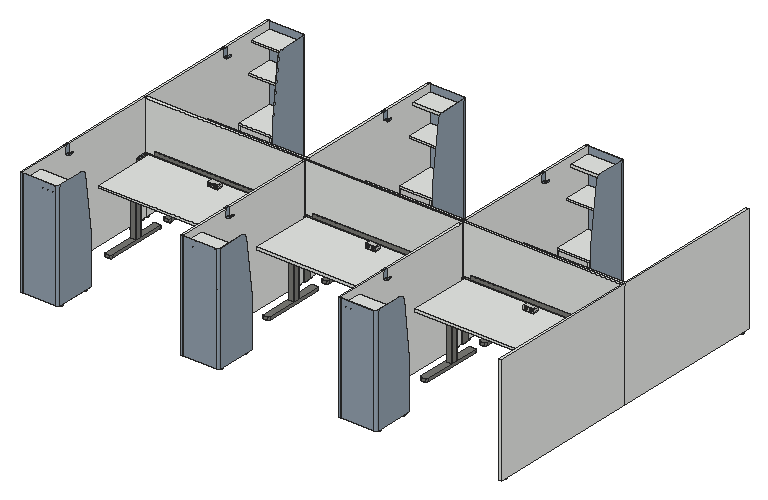
Revit family "Layout-Teknion-Expansion_Cityline_Height_Adjustable_Workstation_10-R2021", category Furniture Systems, Revit 2021 (continued)
Definition of nested family "Desk_Structures-Teknion-JZSFS_EZ_Fence_Leg-R2021"
  Dimensions and locks (in)
    plane 6 "Back" to plane 7 "Front" = 18.81522"
    locked: plane 8 "Top" to level at 27.69291
    equal spacing: plane 6 "Back", plane 1 "Center Front/Back", plane 7 "Front"
    equal spacing: plane 4 "Left", plane 3 "Center Left/Right", plane 5 "Right"
    plane 9 to plane 3 "Center Left/Right" to plane 10 = 0.750" locked, 0.750" locked
    Sweep 1 sketch curve to Sweep 1 sketch curve to Sweep 1 sketch curve to plane 2 = 0.86259" locked, 20.95237" locked, 1.000" locked
    locked: Sweep 1 sketch curve to plane 2 at 21.95237
    Sweep 1 sketch curve to plane 1 "Center Front/Back" to Sweep 1 sketch curve = 5.89342" locked, 5.89342" locked
    Sweep 1 sketch curve to plane 1 "Center Front/Back" to Sweep 1 sketch curve = 3.25757" locked, 3.25757" locked
    locked: Sweep 1 sketch curve to Sweep 1 sketch curve at 2.5  (x2)
    locked: SweptBlend 2 sketch curve to plane 10 at 0.61844
    SweptBlend 2 sketch curve to SweptBlend 2 sketch curve to plane 1 "Center Front/Back" to SweptBlend 2 sketch curve to SweptBlend 2 sketch curve = 1.71042" locked, 4.44994", 4.44994", 1.71042" locked
    plane 8 "Top" to SweptBlend 2 sketch curve to SweptBlend 2 sketch curve = 4.35827" locked, 1.72518"
    plane 8 "Top" to SweptBlend 2 sketch curve = 6.08345"
    SweptBlend 2 sketch curve to plane 1 "Center Front/Back" to SweptBlend 2 sketch curve = 8.90329" locked, 8.90329" locked
    locked: SweptBlend 2 sketch curve to plane 2 at 1  (x2)
    SweptBlend 2 sketch curve to SweptBlend 2 sketch curve to plane 1 "Center Front/Back" to SweptBlend 2 sketch curve to SweptBlend 2 sketch curve = 0.85521" locked, 3.25757" locked, 3.25757" locked, 0.85521" locked
    plane 8 "Top" to SweptBlend 2 sketch curve to SweptBlend 2 sketch curve = 4.87795" locked, 0.86259" locked
    locked: plane 8 "Top" to SweptBlend 2 sketch curve at 5.74054
    locked: plane 9 to SweptBlend 3 sketch curve at 0.61844
    SweptBlend 3 sketch curve to SweptBlend 3 sketch curve to plane 1 "Center Front/Back" to SweptBlend 3 sketch curve to SweptBlend 3 sketch curve = 1.71042" locked, 4.44994" locked, 4.44994" locked, 1.71042" locked
    SweptBlend 3 sketch curve to plane 1 "Center Front/Back" to SweptBlend 3 sketch curve = 8.90329" locked, 8.90329" locked
    locked: SweptBlend 3 sketch curve to plane 2 at 1  (x2)
    locked: SweptBlend 3 sketch curve to plane 8 "Top" at 4.35827
    SweptBlend 3 sketch curve to SweptBlend 3 sketch curve to plane 1 "Center Front/Back" to SweptBlend 3 sketch curve to SweptBlend 3 sketch curve = 0.85521" locked, 3.25757" locked, 3.25757" locked, 0.85521" locked
    plane 8 "Top" to SweptBlend 3 sketch curve to SweptBlend 3 sketch curve = 4.87795" locked, 0.86259" locked
    locked: plane 8 "Top" to SweptBlend 3 sketch curve at 5.74054
    Sweep 4 sketch curve to plane 2 to Sweep 4 sketch curve = 2.47861" locked, 1.48717" locked
    locked: plane 7 "Front" to Sweep 4 sketch curve at 2.39856
    Sweep 4 sketch curve to plane 3 "Center Left/Right" to Sweep 4 sketch curve = 0.59252" locked, 0.59252" locked
    plane 7 "Front" to Sweep 4 sketch curve to Sweep 4 sketch curve to Sweep 4 sketch curve to Sweep 4 sketch curve = 0.10777" locked, 0.23184" locked, 0.000" locked, 1.79789" locked
    Sweep 5 sketch curve to plane 2 to Sweep 5 sketch curve = 2.47861" locked, 1.48717" locked
    locked: Sweep 5 sketch curve to plane 6 "Back" at 2.39856
    plane 6 "Back" to Sweep 5 sketch curve to Sweep 5 sketch curve to Sweep 5 sketch curve to Sweep 5 sketch curve = 0.10777" locked, 0.23184" locked, 0.000" locked, 1.79789" locked
    Sweep 5 sketch curve to plane 3 "Center Left/Right" to Sweep 5 sketch curve = 0.59252" locked, 0.59252" locked
    Sweep 6 sketch curve to plane 1 "Center Front/Back" to Sweep 6 sketch curve = 10.500" locked, 10.500" locked
    Sweep 6 sketch curve to Sweep 6 sketch curve to plane 2 = 2.000" locked, 1.000" locked
    locked: plane 2 to Sweep 6 sketch curve at 2
    "Cut-Out - In-Line": Sweep 7 sketch curve to Sweep 7 sketch curve
    locked: Sweep 7 sketch curve to plane 8 "Top" at 2.5
    Sweep 7 sketch curve to plane 1 "Center Front/Back" to Sweep 7 sketch curve = 1.51575" locked, 1.51575" locked
    locked: Sweep 8 sketch curve to plane 8 "Top" at 3.97638
    "Cut-Out - End": Sweep 8 sketch curve to Sweep 8 sketch curve
    locked: Sweep 8 sketch curve to plane 3 "Center Left/Right" at 0.63189
    Sweep 8 sketch curve to plane 1 "Center Front/Back" to Sweep 8 sketch curve = 1.51575" locked, 1.51575" locked
    Sweep 9 sketch curve to plane 1 "Center Front/Back" to Sweep 9 sketch curve = 1.51575" locked, 1.51575" locked
    Sweep 9 sketch curve to plane 3 "Center Left/Right" to Sweep 9 sketch curve to Sweep 9 sketch curve = 2.51772" locked, 0.51378" locked, 0.11811" locked
    locked: Sweep 9 sketch curve to plane 3 "Center Left/Right" at 2.51772
    plane 8 "Top" to Sweep 9 sketch curve to Sweep 9 sketch curve to Sweep 9 sketch curve to Sweep 9 sketch curve = 0.44094" locked, 0.11024" locked, 3.35433" locked, 0.11811" locked
    plane 8 "Top" to Sweep 10 sketch curve to Sweep 10 sketch curve to Sweep 10 sketch curve to Sweep 10 sketch curve = 0.43307" locked, 0.11811" locked, 3.35433" locked, 0.11811" locked
    Sweep 10 sketch curve to Sweep 10 sketch curve to plane 1 "Center Front/Back" to Sweep 10 sketch curve to Sweep 10 sketch curve = 0.11811" locked, 1.39764" locked, 1.39764" locked, 0.11811" locked
    Sweep 11 sketch curve to plane 1 "Center Front/Back" to Sweep 11 sketch curve = 2.500" locked, 2.500" locked
    plane 8 "Top" to Sweep 11 sketch curve to Sweep 11 sketch curve = 0.55118" locked, 3.35433" locked
    Sweep 11 sketch curve to plane 3 "Center Left/Right" to Sweep 11 sketch curve = 1.5748" locked, 1.5748" locked
    locked: Sweep 12 sketch curve to plane 8 "Top" at 0.11811
    Sweep 12 sketch curve to plane 1 "Center Front/Back" to Sweep 12 sketch curve = 5.76958" locked, 5.76958" locked
    Sweep 12 sketch curve to plane 3 "Center Left/Right" to Sweep 12 sketch curve = 0.69094" locked, 0.69094" locked
    SweptBlend 13 sketch curve to plane 1 "Center Front/Back" to SweptBlend 13 sketch curve = 5.87787" locked, 5.87787" locked
    SweptBlend 13 sketch curve to plane 1 "Center Front/Back" to SweptBlend 13 sketch curve = 5.82863" locked, 5.82863" locked
    locked: plane 11 to plane 8 "Top" at 0.49213
    locked: SweptBlend 13 sketch curve to plane 8 "Top" at 0.11811
    locked: plane 10 to nested 2 at 0.07874
    locked: nested 4 to plane 9 at 0.07874
    locked: Sweep 1 sketch curve to plane 7 "Front" (angle 7.50°)
    locked: plane 6 "Back" to Sweep 1 sketch curve (angle 7.50°)
    locked: Sweep 4 sketch curve to plane 7 "Front" (angle 7.50°)
    locked: plane 6 "Back" to Sweep 5 sketch curve (angle 7.50°)
    aligned and locked: level to plane 2
    aligned and locked: Sweep 1 sketch curve to plane 1 "Center Front/Back"
    aligned and locked: plane 10 to Sweep 1 sketch curve
    aligned and locked: plane 9 to Sweep 1 sketch curve
    aligned and locked: Sweep 1 sketch curve to Sweep 1 sketch curve
    aligned and locked: plane 6 "Back" to Sweep 1 sketch curve
    aligned and locked: plane 7 "Front" to Sweep 1 sketch curve
    aligned and locked: plane 10 to SweptBlend 2 sketch curve
    aligned and locked: SweptBlend 2 sketch curve to plane 1 "Center Front/Back"
    aligned and locked: plane 1 "Center Front/Back" to SweptBlend 3 sketch curve
    aligned and locked: plane 9 to SweptBlend 3 sketch curve
    aligned and locked: Sweep 6 sketch curve to plane 2  (x2)
    aligned and locked: plane 5 "Right" to Sweep 6 sketch curve  (x2)
    aligned and locked: plane 4 "Left" to Sweep 6 sketch curve  (x2)
    aligned and locked: plane 9 to Sweep 7 sketch curve
    aligned and locked: plane 10 to Sweep 7 sketch curve
    aligned and locked: Sweep 8 sketch curve to plane 1 "Center Front/Back"
    aligned and locked: plane 10 to Sweep 8 sketch curve
    aligned and locked: Sweep 7 sketch curve to plane 1 "Center Front/Back"
    aligned and locked: Sweep 9 sketch curve to plane 3 "Center Left/Right"
    aligned and locked: Sweep 10 sketch curve to plane 1 "Center Front/Back"
    aligned and locked: plane 4 "Left" to Sweep 10 sketch curve
    aligned and locked: plane 5 "Right" to Sweep 10 sketch curve
    aligned and locked: plane 3 "Center Left/Right" to Sweep 11 sketch curve
    aligned and locked: plane 5 "Right" to Sweep 11 sketch curve
    aligned and locked: Sweep 11 sketch curve to plane 4 "Left"
    aligned and locked: Sweep 11 sketch curve to Sweep 11 sketch curve  (x2)
    aligned and locked: Sweep 12 sketch curve to plane 1 "Center Front/Back"
    aligned and locked: plane 8 "Top" to Sweep 12 sketch curve
    aligned and locked: SweptBlend 13 sketch curve to plane 1 "Center Front/Back"
    aligned and locked: plane 9 to SweptBlend 13 sketch curve
    aligned and locked: plane 10 to SweptBlend 13 sketch curve
    aligned and locked: SweptBlend 13 sketch curve to plane 9
    aligned and locked: SweptBlend 13 sketch curve to plane 10
    aligned and locked: plane 11 to SweptBlend 13 sketch curve
    aligned and locked: Masking region 1 sketch curve to cut or joined group of Sweep 10, Sweep 11  (x4)
    aligned and locked: cut or joined group of Sweep 10, Sweep 11 to Masking region 1 sketch curve  (x2)
    aligned and locked: Masking region 1 sketch curve to cut or joined group of Sweep 12, SweptBlend 13
    aligned and locked: curve 1 to cut or joined group of Sweep 10, Sweep 11
    aligned and locked: curve 2 to cut or joined group of Sweep 10, Sweep 11
    aligned and locked: curve 5 to cut or joined group of Sweep 10, Sweep 11
    aligned and locked: curve 6 to cut or joined group of Sweep 10, Sweep 11
    aligned and locked: cut or joined group of Sweep 10, Sweep 11 to curve 7
    aligned and locked: curve 8 to cut or joined group of Sweep 10, Sweep 11
    aligned and locked: curve 9 to cut or joined group of Sweep 10, Sweep 11
    aligned and locked: cut or joined group of Sweep 10, Sweep 11 to curve 10
    aligned and locked: curve 11 to cut or joined group of Sweep 1, SweptBlend 2, SweptBlend 3, Sweep 4, Sweep 5, Sweep 6, Sweep 7, Sweep 8
    aligned and locked: curve 12 to cut or joined group of Sweep 1, SweptBlend 2, SweptBlend 3, Sweep 4, Sweep 5, Sweep 6, Sweep 7, Sweep 8
    aligned and locked: curve 13 to cut or joined group of Sweep 1, SweptBlend 2, SweptBlend 3, Sweep 4, Sweep 5, Sweep 6, Sweep 7, Sweep 8
    aligned and locked: curve 14 to cut or joined group of Sweep 1, SweptBlend 2, SweptBlend 3, Sweep 4, Sweep 5, Sweep 6, Sweep 7, Sweep 8
    aligned and locked: curve 15 to cut or joined group of Sweep 1, SweptBlend 2, SweptBlend 3, Sweep 4, Sweep 5, Sweep 6, Sweep 7, Sweep 8
    aligned and locked: curve 16 to cut or joined group of Sweep 1, SweptBlend 2, SweptBlend 3, Sweep 4, Sweep 5, Sweep 6, Sweep 7, Sweep 8
    aligned and locked: curve 17 to cut or joined group of Sweep 1, SweptBlend 2, SweptBlend 3, Sweep 4, Sweep 5, Sweep 6, Sweep 7, Sweep 8
    aligned and locked: curve 18 to cut or joined group of Sweep 1, SweptBlend 2, SweptBlend 3, Sweep 4, Sweep 5, Sweep 6, Sweep 7, Sweep 8
    aligned and locked: curve 19 to cut or joined group of Sweep 1, SweptBlend 2, SweptBlend 3, Sweep 4, Sweep 5, Sweep 6, Sweep 7, Sweep 8
    aligned and locked: curve 20 to cut or joined group of Sweep 1, SweptBlend 2, SweptBlend 3, Sweep 4, Sweep 5, Sweep 6, Sweep 7, Sweep 8
    aligned and locked: curve 21 to cut or joined group of Sweep 1, SweptBlend 2, SweptBlend 3, Sweep 4, Sweep 5, Sweep 6, Sweep 7, Sweep 8
    aligned and locked: curve 45 to Sweep 9
    aligned and locked: curve 46 to Sweep 9
    aligned and locked: curve 47 to Sweep 9
    aligned and locked: curve 48 to Sweep 9
    aligned and locked: Sweep 9 to Masking region 2 sketch curve  (x2)
    aligned and locked: Masking region 2 sketch curve to Sweep 9
    aligned and locked: curve 51 to cut or joined group of Sweep 12, SweptBlend 13
    aligned and locked: curve 52 to cut or joined group of Sweep 12, SweptBlend 13
    aligned and locked: curve 53 to cut or joined group of Sweep 12, SweptBlend 13
    aligned and locked: curve 54 to cut or joined group of Sweep 12, SweptBlend 13
    aligned and locked: curve 55 to cut or joined group of Sweep 12, SweptBlend 13
    aligned and locked: curve 57 to cut or joined group of Sweep 12, SweptBlend 13
    aligned and locked: curve 58 to cut or joined group of Sweep 12, SweptBlend 13
    aligned and locked: curve 59 to Sweep 9
    aligned and locked: curve 62 to cut or joined group of Sweep 10, Sweep 11
    aligned and locked: curve 63 to cut or joined group of Sweep 10, Sweep 11
    aligned and locked: curve 64 to plane 6 "Back"
    aligned and locked: curve 65 to plane 4 "Left"
    aligned and locked: plane 7 "Front" to curve 66
    aligned and locked: curve 67 to plane 5 "Right"
    aligned and locked: plane 10 to curve 68
    aligned and locked: curve 69 to plane 9
    aligned and locked: plane 1 "Center Front/Back" to nested 1
    aligned and locked: plane 1 "Center Front/Back" to nested 3
    aligned and locked: plane 1 "Center Front/Back" to nested 2
    aligned and locked: plane 3 "Center Left/Right" to nested 3
    aligned and locked: plane 9 to nested 1
    aligned and locked: nested 4 to plane 1 "Center Front/Back"
    aligned and locked: plane 10 to curve 70
    aligned and locked: curve 71 to plane 9
    aligned and locked: plane 10 to curve 74
    aligned and locked: curve 73 to plane 9
  Automatic sketch dimensions
    SweptBlend 2 sketch curve to SweptBlend 2 sketch curve = 0.000"
    Sweep 4 sketch curve to profile plane = 0.000"
    Sweep 4 sketch curve to profile plane = 1.8134"
    Sweep 4 sketch curve to Sweep 4 sketch curve = 0.23384"  (x2)
    Sweep 4 sketch curve to plane 3 "Center Left/Right" = 0.01579"
    plane 3 "Center Left/Right" to Sweep 4 sketch curve = 0.01579"
    Sweep 5 sketch curve to profile plane = 0.000"
    Masking region 1 sketch curve to plane 6 "Back" = 0.000"
    Masking region 1 sketch curve to plane 9 = 0.000"  (x2)
    Masking region 1 sketch curve to plane 10 = 0.000"
    plane 7 "Front" to Masking region 1 sketch curve = 0.000"
    Masking region 2 sketch curve to plane 6 "Back" = 0.000"
    Masking region 2 sketch curve to plane 9 = 0.000"
    Masking region 2 sketch curve to plane 10 = 0.000"  (x2)
    plane 7 "Front" to Masking region 2 sketch curve = 0.000"
    curve 1 to plane 4 "Left" = 0.000"
    curve 2 to plane 4 "Left" = 0.000"
    curve 62 to plane 4 "Left" = 0.000"
    curve 63 to plane 4 "Left" = 0.000"
    curve 73 to plane 6 "Back" = 0.000"
    plane 7 "Front" to curve 73 = 0.000"
    plane 7 "Front" to curve 74 = 0.000"
    curve 74 to plane 6 "Back" = 0.000"
    curve 62 to plane 5 "Right" = 0.000"
    curve 2 to plane 5 "Right" = 0.000"
    curve 1 to plane 5 "Right" = 0.000"
    curve 63 to plane 5 "Right" = 0.000"
    plane 7 "Front" to curve 70 = 0.000"
    plane 7 "Front" to curve 71 = 0.000"
    curve 70 to plane 6 "Back" = 0.000"
    curve 71 to plane 6 "Back" = 0.000"
    curve 29 to plane 6 "Back" = 0.00733"
    plane 9 to curve 29 = 0.15748"
    curve 24 to plane 3 "Center Left/Right" = 0.13156"
    curve 42 to plane 3 "Center Left/Right" = 0.13156"
    curve 39 to plane 3 "Center Left/Right" = 0.01579"
    plane 3 "Center Left/Right" to curve 36 = 0.01579"
    plane 3 "Center Left/Right" to curve 41 = 0.13156"
    plane 3 "Center Left/Right" to curve 23 = 0.13156"
    plane 10 to curve 28 = 0.15748"
    curve 11 to curve 70 = 0.15748"
    plane 10 to curve 55 = 0.05906"
    curve 13 to curve 23 = 0.31768"
    curve 52 to curve 44 = 1.00817"
    curve 41 to curve 35 = 0.31768"
    curve 32 to curve 38 = 0.13165"
    curve 36 to curve 28 = 0.36751"
    curve 39 to curve 28 = 0.36751"
    curve 49 to curve 44 = 0.000"
    curve 50 to curve 26 = 0.000"
    curve 46 to curve 2 = 0.63189"
    curve 61 to curve 46 = 0.000"
    curve 59 to curve 1 = 0.63189"
    curve 45 to curve 59 = 0.000"
    curve 20 to curve 24 = 0.12947"
    curve 17 to curve 25 = 0.12947"
    curve 3 to curve 54 = 0.01555"
    curve 52 to curve 4 = 0.01555"
    curve 40 to curve 29 = 0.12947"
    curve 41 to curve 31 = 0.12947"
    curve 29 to curve 38 = 0.13165"
    curve 31 to curve 37 = 0.13165"
    curve 37 to curve 30 = 0.10421"
  Nested families (in)
    nested 1: "Teknion_2D_Node_Family-R2016" at (0.07874, 0, 0), visible <- "End", type "Teknion_2D_Node_Family-R2016"
    nested 2: "Teknion_2D_Node_Family-R2016" at (1.65748, 0, 0), type "Teknion_2D_Node_Family-R2016"
    nested 3: "Teknion_2D_Node_Family-R2016" at (0.82874, 0, 0), type "Teknion_2D_Node_Family-R2016"
    nested 4: "Teknion_2D_Node_Family-R2016" at (0, 0, 0) x (-1, 0, 0) z (0, 0, 1), visible <- "In-Line", type "Teknion_2D_Node_Family-R2016"
  Definition of nested family "Teknion_2D_Node_Family-R2016"
    Reference planes (in)
      plane 1 "Center (Front/Back)": y = 0
      plane 2: z = 0
      plane 3 "Center (Left/Right)": x = 0
    Lines and regions (in)
      detail lines, in view "Ref. Level"
        curve 1: circle (0, 0, 0) r 1.25 normal (0, 0, 1)
        curve 2: line (1.91508, -1.91508, 0) -> (-1.91508, 1.91508, 0)
        curve 3: line (-1.91508, -1.91508, 0) -> (1.91508, 1.91508, 0)
Definition of nested family "Desk_Structure-Teknion-JZSBB_EZ_Fence_Beam-R2021"
  Parameters (values of type "Power Only – Two Sides")
    Width [instance] = 84.000"
    Warranty = "http://www.teknion.com/ca/papers/legal-canada"
    Unit Weight URL = "http://www.teknion.com/ca/tools/assets#&asset=bee6a381-b954-425e-8283-5a2de3a804f2,f828d448-4b62-4231-9e5f-9a8991c0ed77"
    URL = "www.teknion.com"
    To render please download texture images found here [instance] = "https://assets.teknion.com/web/5e81352c1dfdb467/revit-material-swatches/"
    Sustainability Data = "https://www.teknion.com/ca/tools/assets#&topic=216f99a5-57a0-44fc-b10a-9dee9b29ae4c&asset=444deb64-fe58-4b68-981e-f75e97781df7,b4ff2d81-9f2e-437d-9659-7cffb09c31cf"
    Series = "Expansion Cityline"  # constant formula
    Screen Cut-Out [instance] = if([EZ Add-On Screen], 1.000", 0.500")  # 0.500"
    Right Power Opening Cut out [instance] = if(and(Right Opening Position, Power Opening, One sided Opening), 0.900", if(and(Right Opening Position, Power Opening, Two Sided Opening), 4.000", 0.100"))  # 4.000"
    Right Opening Position [instance] = yes
    Right Data Opening Cut out [instance] = if(and(Right Opening Position, Data Opening, One sided Opening), 0.900", if(and(Right Opening Position, Data Opening, Two Sided Opening), 4.000", 0.100"))  # 0.100"
    Product Page URL = "https://www.teknion.com/ca/products/product-details?productlineid=9ad2a26e-8e7a-673b-a6c8-ff05004460c4"
    Product Line = "EZ Fence Structure"  # constant formula
    Product Documentation Link = "https://www.teknion.com/pricing/expansion-cityline/pdfs/JZSBB_ppg.pdf"
    Power and Data Openning Option [instance] = "Please select one configuration below"  # constant formula
    Power Opening = yes
    Part Number = "JZSBB"  # constant formula
    Two Sided Opening = yes
    One sided Opening = no
    No Screen [instance] = not(or([EZ Add-On Screen], Lift & Drop Tile))  # no
    Model = "JZSBB___PT_"
    Manufacturer Phone = "416-661-3370"  # constant formula
    Manufacturer Fax = "416.661.4586"  # constant formula
    Manufacturer Contact Information = "http://www.teknion.com/ca/contactus"
    Manufacturer Address = "1150 Flint Road, Toronto, ON. M3J 2J5. Canada"  # constant formula
    Manufacturer = "Teknion"  # constant formula
    Lift & Drop Tile Cut-Out [instance] = if(Lift & Drop Tile, 85.000", 0.500")  # 85.000"
    Lift & Drop Tile [instance] = yes
    Left Power Opening Cut Out [instance] = if(and(Left Opening Position, Power Opening, One sided Opening), 0.900", if(and(Left Opening Position, Power Opening, Two Sided Opening), 4.000", 0.100"))  # 4.000"
    Left Opening Position [instance] = yes
    Left Data Opening Cut out [instance] = if(and(Left Opening Position, Data Opening, One sided Opening), 0.900", if(and(Left Opening Position, Data Opening, Two Sided Opening), 4.000", 0.090"))  # 0.090"
    How To Use Teknion Materials User Guide [instance] = "https://assets.teknion.com/m/205dd0a49fa58060/original/How-to-add-a-Material-Library-and-Texture-Images-to-your-Revit-project.pdf"
    For Additional Finishes please visit [instance] = "https://assets.teknion.com/m/44a8009b046e5d47/original/Teknion_Materials_Library.zip"
    Finish [instance] = none
    EZ Add-On Screen [instance] = no
    Description = "EZ Fence Beam, Power Only – Two Sides"
    Default Elevation = 0.000"
    Database Notes [instance] = "When Power and Data Opening (NN) is selected, then Opening Position C-L-R are not available. When Power and Data Opening (DO) - (DT) - (PO) - (PT) is selected, then Opening Position N is not available. When width 48-54-60 and Power and Data Opening (DO) - (DT) - (PO) - (PT) are selected, then Opening Position C is not available "  # constant formula
    Data Opening = no
    Configuration Option [instance] = "Please select one configuration below"  # constant formula
    Center Power Opening Cut Out [instance] = if(and(Center Opening Position, Power Opening, One sided Opening, Width > 60.000"), 0.900", if(and(Center Opening Position, Power Opening, Two Sided Opening, Width > 60.000"), 4.000", 0.100"))  # 4.000"
    Center Opening Position [instance] = yes
    Center Data Opening Cut Out [instance] = if(and(Center Opening Position, Data Opening, One sided Opening, Width > 60.000"), 0.900", if(and(Center Opening Position, Data Opening, Two Sided Opening, Width > 60.000"), 4.000", 0.090"))  # 0.090"
    Available Width [instance] = "48, 54, 60, 66,72, 78, 84 Inch"  # constant formula
    Assembly Code = "E2020200"
    Actual Width [instance] = Width + 0.157"  # 84.157"
    2D Right Power two sided opening [instance] = and(Power Opening, Right Opening Position, Two Sided Opening)  # yes
    2D Right Power one sided opening [instance] = or([2D Right Power two sided opening], and(Power Opening, Right Opening Position, One sided Opening))  # yes
    2D Right Data two sided opening [instance] = and(Data Opening, Right Opening Position, Two Sided Opening)  # no
    2D Right Data one sided opening [instance] = or([2D Right Data two sided opening], and(Data Opening, Right Opening Position, One sided Opening))  # no
    2D Left Power two sided opening [instance] = and(Power Opening, Left Opening Position, Two Sided Opening)  # yes
    2D Left Power one sided opening [instance] = or([2D Left Power two sided opening], and(Power Opening, Left Opening Position, One sided Opening))  # yes
    2D Left Data two sided opening [instance] = and(Data Opening, Left Opening Position, Two Sided Opening)  # no
    2D Left Data one sided opening [instance] = or([2D Left Data two sided opening], and(Data Opening, Left Opening Position, One sided Opening))  # no
    2D Center Data two sided opening [instance] = and(Data Opening, Center Opening Position, Two Sided Opening)  # no
    2D Center Data one sided opening [instance] = or([2D Center Data two sided opening], and(Data Opening, Center Opening Position, One sided Opening))  # no
    2D Center Power two sided opening [instance] = and(Power Opening, Center Opening Position, Two Sided Opening)  # yes
    2D Center Power one sided opening [instance] = or([2D Center Power two sided opening], and(Power Opening, Center Opening Position, One sided Opening))  # yes
  Types (6): name | Screen Cut-Out | Right Power Opening Cut out | Right Opening Position | Right Data Opening Cut out | Power Opening | Two Sided Opening | One sided Opening | No Screen | Model | Lift & Drop Tile Cut-Out | Lift & Drop Tile | Left Power Opening Cut Out | Left Opening Position | Left Data Opening Cut out | EZ Add-On Screen | Description | Data Opening | Center Power Opening Cut Out | Center Opening Position | Center Data Opening Cut Out | 2D Right Power two sided opening | 2D Right Power one sided opening | 2D Right Data two sided opening | 2D Right Data one sided opening | 2D Left Power two sided opening | 2D Left Power one sided opening | 2D Left Data two sided opening | 2D Left Data one sided opening | 2D Center Data two sided opening | 2D Center Data one sided opening | 2D Center Power two sided opening | 2D Center Power one sided opening
    (no name) | 0.500" | 4.000" | yes | 0.100" | yes | yes | no | no | "JZSBB___PT_" | 85.000" | yes | 4.000" | yes | 0.090" | no | "EZ Fence Beam, Power Only – Two Sides" | no | 4.000" | yes | 0.090" | yes | yes | no | no | yes | yes | no | no | no | no | yes | yes
    No Opening | 1.000" | 0.100" | no | 0.100" | no | no | no | no | "JZSBB___NN_" | 0.500" | no | 0.100" | no | 0.090" | yes | "EZ Fence Beam, No Opening" | no | 0.100" | no | 0.090" | no | no | no | no | no | no | no | no | no | no | no | no
    Power & Data – One Side | 0.500" | 0.900" | yes | 0.900" | yes | no | yes | no | "JZSBB___DO_" | 85.000" | yes | 0.900" | yes | 0.900" | no | "EZ Fence Beam, Power & Data – One Side" | yes | 0.100" | no | 0.090" | no | yes | no | yes | no | yes | no | yes | no | no | no | no
    Power & Data – Two Sides | 0.500" | 4.000" | yes | 4.000" | yes | yes | no | yes | "JZSBB___DT_" | 0.500" | no | 4.000" | yes | 4.000" | no | "EZ Fence Beam, Power & Data – Two Sides" | yes | 4.000" | yes | 4.000" | yes | yes | yes | yes | yes | yes | yes | yes | yes | yes | yes | yes
    Power Only – One Side | 0.500" | 0.900" | yes | 0.100" | yes | no | yes | no | "JZSBB___PO_" | 85.000" | yes | 0.900" | yes | 0.090" | no | "EZ Fence Beam, Power Only – One Side" | no | 0.900" | yes | 0.090" | no | yes | no | no | no | yes | no | no | no | no | no | yes
    Power Only – Two Sides | 0.500" | 4.000" | yes | 0.100" | yes | yes | no | no | "JZSBB___PT_" | 85.000" | yes | 4.000" | yes | 0.090" | no | "EZ Fence Beam, Power Only – Two Sides" | no | 4.000" | yes | 0.090" | yes | yes | no | no | yes | yes | no | no | no | no | yes | yes
  Reference planes (in)
    plane 1 "Center Front/Back": y = 0
    plane 2: z = 0
    plane 3 "Center Left/Right": x = 43.65748
    plane 4 "Left": x = 1.57898
    plane 5 "Right": x = 85.73598
    plane 6 "Back": y = 1.69291
    plane 7 "Front": y = -1.69291
    plane 8 "Top": z = 28.18504
  Forms (in)
    Sweep 1, solid, material <- "Finish"
      path origin (0, 0, 0) x (1, 0, 0) y (0, 1, 0)
        loop
          line (85.73598, 0) -> (1.57898, 0)
      profile origin (43.65748, 0, 0) x (0, -1, 0) y (0, 0, 1)
        loop
          line (-1.69291, 28.18504) -> (-1.69291, 23.3189) -> (-1.51575, 23.3189) -> (-1.51575, 27.37795) -> (-1.26575, 27.37795) -> (-1.26575, 27.63386) -> (1.26575, 27.63386) -> (1.26575, 27.37795) -> (1.51575, 27.37795) -> (1.51575, 23.3189) -> (1.69291, 23.3189) -> (1.69291, 28.18504) -> (-1.69291, 28.18504)
    Sweep 2, void
      path origin (0, 0, 0) x (1, 0, 0) y (0, 1, 0)
        loop
          line (85.73622, 0) -> (0.73622, 0)
      profile origin (43.23622, 0, 0) x (0, -1, 0) y (0, 0, 1)
        loop
          line (0.27559, 28.18504) -> (-0.27559, 28.18504) -> (-0.27559, 27.79134) -> (0.27559, 27.79134) -> (0.27559, 28.18504)
    Sweep 3, void
      path origin (0, 0, 0) x (1, 0, 0) y (0, 0, 1)
        loop
          line (43.65748, 28.19291) -> (43.65748, 28.69291)
      profile origin (43.65748, 0, 28.44291) x (-1, 0, 0) y (0, -1, 0)
        loop
          line (38.61417, -0.7874) -> (38.61417, 0.7874) -> (33.69291, 0.7874) -> (33.69291, -0.7874) -> (38.61417, -0.7874)
        loop
          line (2.46063, -0.7874) -> (2.46063, 0.7874) -> (-2.46063, 0.7874) -> (-2.46063, -0.7874) -> (2.46063, -0.7874)
        loop
          line (-33.69291, -0.7874) -> (-33.69291, 0.7874) -> (-38.61417, 0.7874) -> (-38.61417, -0.7874) -> (-33.69291, -0.7874)
    Sweep 4, solid
      path origin (0, 0, 0) x (1, 0, 0) y (0, 0, 1)
        loop
          line (6.02756, 27.25984) -> (6.02756, 27.37795)
      profile origin (6.02756, 0, 27.3189) x (-1, 0, 0) y (0, -1, 0)
        loop
          line (2.85433, -1.51575) -> (3.67411, -0.69597)
          arc (3.67411, -0.69597) -> (3.38573, 0) -> (3.67411, 0.69597) r 0.98402
          line (3.67411, 0.69597) -> (2.85433, 1.51575) -> (0, 1.51575) -> (0, -1.51575) -> (2.85433, -1.51575)
    Sweep 5, solid
      path origin (0, 0, -3.47244) x (1, 0, 0) y (0, 0, 1)
        loop
          line (6.02756, 27.25984) -> (6.02756, 27.37795)
      profile origin (6.02756, 0, 23.84646) x (-1, 0, 0) y (0, -1, 0)
        loop
          line (2.85433, -1.51575) -> (3.67411, -0.69597)
          arc (3.67411, -0.69597) -> (3.38573, 0) -> (3.67411, 0.69597) r 0.98402
          line (3.67411, 0.69597) -> (2.85433, 1.51575) -> (0, 1.51575) -> (0, -1.51575) -> (2.85433, -1.51575)
    Sweep 6, solid
      path origin (87.31496, 0, 0) x (-1, 0, 0) y (0, 0, 1)
        loop
          line (6.02756, 27.25984) -> (6.02756, 27.37795)
      profile origin (81.2874, 0, 27.3189) x (-1, 0, 0) y (0, -1, 0)
        loop
          line (-2.85433, -1.51575) -> (0, -1.51575) -> (0, 1.51575) -> (-2.85433, 1.51575) -> (-3.67411, 0.69597)
          arc (-3.67411, 0.69597) -> (-3.38573, 0) -> (-3.67411, -0.69597) r 0.98402
          line (-3.67411, -0.69597) -> (-2.85433, -1.51575)
    Sweep 7, solid
      path origin (87.31496, 0, -3.47244) x (-1, 0, 0) y (0, 0, 1)
        loop
          line (6.02756, 27.25984) -> (6.02756, 27.37795)
      profile origin (81.2874, 0, 23.84646) x (-1, 0, 0) y (0, -1, 0)
        loop
          line (-2.85433, -1.51575) -> (0, -1.51575) -> (0, 1.51575) -> (-2.85433, 1.51575) -> (-3.67411, 0.69597)
          arc (-3.67411, 0.69597) -> (-3.38573, 0) -> (-3.67411, -0.69597) r 0.98402
          line (-3.67411, -0.69597) -> (-2.85433, -1.51575)
    Sweep 8, void
      path origin (0, 0, 0) x (1, 0, 0) y (0, 1, 0)
        loop
          line (43.65748, -1.69313) -> (43.65748, -1.78313)
      profile origin (43.65748, -1.73813, 0) x (1, 0, 0) y (0, 0, 1)
        loop
          arc (-1.59449, 27.14173) -> (-1.678, 27.10714) -> (-1.7126, 27.02362) r 0.11811
          line (-1.7126, 27.02362) -> (-1.7126, 25.13386)
          arc (-1.7126, 25.13386) -> (-1.678, 25.05034) -> (-1.59449, 25.01575) r 0.11811
          line (-1.59449, 25.01575) -> (1.59449, 25.01575)
          arc (1.59449, 25.01575) -> (1.678, 25.05034) -> (1.7126, 25.13386) r 0.11811
          line (1.7126, 25.13386) -> (1.7126, 27.02362)
          arc (1.7126, 27.02362) -> (1.678, 27.10714) -> (1.59449, 27.14173) r 0.11811
          line (1.59449, 27.14173) -> (-1.59449, 27.14173)
    Sweep 9, void
      path origin (0, 0, 0) x (1, 0, 0) y (0, 1, 0)
        loop
          line (43.65748, 2.20691) -> (43.65748, -1.79309)
      profile origin (43.65748, 0.20691, 0) x (1, 0, 0) y (0, 0, 1)
        loop
          arc (-5.19882, 26.97441) -> (-5.28234, 26.93982) -> (-5.31693, 26.8563) r 0.11811
          line (-5.31693, 26.8563) -> (-5.31693, 25.26181)
          arc (-5.31693, 25.26181) -> (-5.28234, 25.17829) -> (-5.19882, 25.1437) r 0.11811
          line (-5.19882, 25.1437) -> (-2.50197, 25.1437)
          arc (-2.50197, 25.1437) -> (-2.41845, 25.17829) -> (-2.38386, 25.26181) r 0.11811
          line (-2.38386, 25.26181) -> (-2.38386, 26.8563)
          arc (-2.38386, 26.8563) -> (-2.41845, 26.93982) -> (-2.50197, 26.97441) r 0.11811
          line (-2.50197, 26.97441) -> (-5.19882, 26.97441)
        loop
          line (5.19882, 26.97441) -> (2.50197, 26.97441)
          arc (2.50197, 26.97441) -> (2.41845, 26.93982) -> (2.38386, 26.8563) r 0.11811
          line (2.38386, 26.8563) -> (2.38386, 25.26181)
          arc (2.38386, 25.26181) -> (2.41845, 25.17829) -> (2.50197, 25.1437) r 0.11811
          line (2.50197, 25.1437) -> (5.19882, 25.1437)
          arc (5.19882, 25.1437) -> (5.28234, 25.17829) -> (5.31693, 25.26181) r 0.11811
          line (5.31693, 25.26181) -> (5.31693, 26.8563)
          arc (5.31693, 26.8563) -> (5.28234, 26.93982) -> (5.19882, 26.97441) r 0.11811
    Sweep 10, void
      path origin (0, 0, 0) x (1, 0, 0) y (0, 1, 0)
        loop
          line (85.73598, -1.69309) -> (85.73598, -1.79309)
      profile origin (85.73598, -1.74309, 0) x (1, 0, 0) y (0, 0, 1)
        loop
          arc (-16.51551, 27.14173) -> (-16.59902, 27.10714) -> (-16.63362, 27.02362) r 0.11811
          line (-16.63362, 27.02362) -> (-16.63362, 25.13386)
          arc (-16.63362, 25.13386) -> (-16.59902, 25.05034) -> (-16.51551, 25.01575) r 0.11811
          line (-16.51551, 25.01575) -> (-13.32653, 25.01575)
          arc (-13.32653, 25.01575) -> (-13.24301, 25.05034) -> (-13.20842, 25.13386) r 0.11811
          line (-13.20842, 25.13386) -> (-13.20842, 27.02362)
          arc (-13.20842, 27.02362) -> (-13.24301, 27.10714) -> (-13.32653, 27.14173) r 0.11811
          line (-13.32653, 27.14173) -> (-16.51551, 27.14173)
    Sweep 11, void
      path origin (0, 0, 0) x (1, 0, 0) y (0, 1, 0)
        loop
          line (85.73598, 2.20691) -> (85.73598, -1.79309)
      profile origin (85.73598, 0.20691, 0) x (1, 0, 0) y (0, 0, 1)
        loop
          arc (-12.41905, 26.97441) -> (-12.50257, 26.93982) -> (-12.53716, 26.8563) r 0.11811
          line (-12.53716, 26.8563) -> (-12.53716, 25.26181)
          arc (-12.53716, 25.26181) -> (-12.50257, 25.17829) -> (-12.41905, 25.1437) r 0.11811
          line (-12.41905, 25.1437) -> (-9.7222, 25.1437)
          arc (-9.7222, 25.1437) -> (-9.63868, 25.17829) -> (-9.60409, 25.26181) r 0.11811
          line (-9.60409, 25.26181) -> (-9.60409, 26.8563)
          arc (-9.60409, 26.8563) -> (-9.63868, 26.93982) -> (-9.7222, 26.97441) r 0.11811
          line (-9.7222, 26.97441) -> (-12.41905, 26.97441)
        loop
          arc (-20.11984, 26.97441) -> (-20.20336, 26.93982) -> (-20.23795, 26.8563) r 0.11811
          line (-20.23795, 26.8563) -> (-20.23795, 25.26181)
          arc (-20.23795, 25.26181) -> (-20.20336, 25.17829) -> (-20.11984, 25.1437) r 0.11811
          line (-20.11984, 25.1437) -> (-17.42299, 25.1437)
          arc (-17.42299, 25.1437) -> (-17.33947, 25.17829) -> (-17.30488, 25.26181) r 0.11811
          line (-17.30488, 25.26181) -> (-17.30488, 26.8563)
          arc (-17.30488, 26.8563) -> (-17.33947, 26.93982) -> (-17.42299, 26.97441) r 0.11811
          line (-17.42299, 26.97441) -> (-20.11984, 26.97441)
    Sweep 12, void
      path origin (87.31496, 0, 0) x (-1, 0, 0) y (0, 1, 0)
        loop
          line (85.73598, -1.70309) -> (85.73598, -1.79309)
      profile origin (1.57898, -1.74809, 0) x (1, 0, 0) y (0, 0, 1)
        loop
          line (16.51551, 27.14173) -> (13.32653, 27.14173)
          arc (13.32653, 27.14173) -> (13.24301, 27.10714) -> (13.20842, 27.02362) r 0.11811
          line (13.20842, 27.02362) -> (13.20842, 25.13386)
          arc (13.20842, 25.13386) -> (13.24301, 25.05034) -> (13.32653, 25.01575) r 0.11811
          line (13.32653, 25.01575) -> (16.51551, 25.01575)
          arc (16.51551, 25.01575) -> (16.59902, 25.05034) -> (16.63362, 25.13386) r 0.11811
          line (16.63362, 25.13386) -> (16.63362, 27.02362)
          arc (16.63362, 27.02362) -> (16.59902, 27.10714) -> (16.51551, 27.14173) r 0.11811
    Sweep 13, void
      path origin (87.31496, 0, 0) x (-1, 0, 0) y (0, 1, 0)
        loop
          line (85.73598, 2.20691) -> (85.73598, -1.79309)
      profile origin (1.57898, 0.20691, 0) x (1, 0, 0) y (0, 0, 1)
        loop
          line (12.41905, 26.97441) -> (9.7222, 26.97441)
          arc (9.7222, 26.97441) -> (9.63868, 26.93982) -> (9.60409, 26.8563) r 0.11811
          line (9.60409, 26.8563) -> (9.60409, 25.26181)
          arc (9.60409, 25.26181) -> (9.63868, 25.17829) -> (9.7222, 25.1437) r 0.11811
          line (9.7222, 25.1437) -> (12.41905, 25.1437)
          arc (12.41905, 25.1437) -> (12.50257, 25.17829) -> (12.53716, 25.26181) r 0.11811
          line (12.53716, 25.26181) -> (12.53716, 26.8563)
          arc (12.53716, 26.8563) -> (12.50257, 26.93982) -> (12.41905, 26.97441) r 0.11811
        loop
          line (20.11984, 26.97441) -> (17.42299, 26.97441)
          arc (17.42299, 26.97441) -> (17.33947, 26.93982) -> (17.30488, 26.8563) r 0.11811
          line (17.30488, 26.8563) -> (17.30488, 25.26181)
          arc (17.30488, 25.26181) -> (17.33947, 25.17829) -> (17.42299, 25.1437) r 0.11811
          line (17.42299, 25.1437) -> (20.11984, 25.1437)
          arc (20.11984, 25.1437) -> (20.20336, 25.17829) -> (20.23795, 25.26181) r 0.11811
          line (20.23795, 25.26181) -> (20.23795, 26.8563)
          arc (20.23795, 26.8563) -> (20.20336, 26.93982) -> (20.11984, 26.97441) r 0.11811
  Cuts and joins
    Sweep 2, Sweep 3, Sweep 8, Sweep 9, Sweep 10, Sweep 11, Sweep 12, Sweep 13 cuts Sweep 1
  Lines and regions (in)
    Masking region 1
      outline origin (0, 0, 0) x (1, 0, 0) y (0, 1, 0)
        loop
          line (1.57898, 1.69291) -> (1.57898, -1.69291) -> (85.73598, -1.69291) -> (85.73598, 1.69291) -> (1.57898, 1.69291)
    symbolic lines, visible <- "EZ Add-On Screen"
      curve 1: line (9.96457, 0.7874, 0) -> (5.04331, 0.7874, 0)
      curve 2: line (5.04331, 0.7874, 0) -> (5.04331, -0.7874, 0)
      curve 3: line (5.04331, -0.7874, 0) -> (9.96457, -0.7874, 0)
      curve 4: line (9.96457, -0.7874, 0) -> (9.96457, 0.7874, 0)
      curve 5: line (41.19685, 0.7874, 0) -> (41.19685, -0.7874, 0)
      curve 6: line (46.11811, 0.7874, 0) -> (41.19685, 0.7874, 0)
      curve 7: line (41.19685, -0.7874, 0) -> (46.11811, -0.7874, 0)
      curve 8: line (46.11811, -0.7874, 0) -> (46.11811, 0.7874, 0)
      curve 9: line (77.35039, 0.7874, 0) -> (77.35039, -0.7874, 0)
      curve 10: line (82.27165, 0.7874, 0) -> (77.35039, 0.7874, 0)
      curve 11: line (77.35039, -0.7874, 0) -> (82.27165, -0.7874, 0)
      curve 12: line (82.27165, -0.7874, 0) -> (82.27165, 0.7874, 0)
    symbolic lines, visible <- "Lift & Drop Tile"
      curve 13: line (85.73598, 0.27559, 0) -> (1.57898, 0.27559, 0)
      curve 14: line (1.57898, -0.27559, 0) -> (85.73598, -0.27559, 0)
      curve 15: line (1.57898, -0.27559, 0) -> (1.57898, 0.27559, 0)
      curve 16: line (85.73598, 0.27559, 0) -> (85.73598, -0.27559, 0)
    symbolic lines, detail levels medium+fine
      curve 17: line (6.02756, 1.51575, 0) -> (3.17323, 1.51575, 0)
      curve 18: line (3.17323, 1.51575, 0) -> (2.35345, 0.69597, 0)
      curve 19: arc (2.35345, -0.69597, 0) -> (2.64183, 0, 0) -> (2.35345, 0.69597, 0) r 0.98402
      curve 20: line (2.35345, -0.69597, 0) -> (3.17323, -1.51575, 0)
      curve 21: line (3.17323, -1.51575, 0) -> (6.02756, -1.51575, 0)
      curve 22: line (6.02756, -1.51575, 0) -> (6.02756, 1.51575, 0)
      curve 23: line (81.2874, 1.51575, 0) -> (81.2874, -1.51575, 0)
      curve 24: line (84.14173, 1.51575, 0) -> (81.2874, 1.51575, 0)
      curve 25: line (84.96151, 0.69597, 0) -> (84.14173, 1.51575, 0)
      curve 26: arc (84.96151, 0.69597, 0) -> (84.67313, 0, 0) -> (84.96151, -0.69597, 0) r 0.98402
      curve 27: line (84.14173, -1.51575, 0) -> (84.96151, -0.69597, 0)
      curve 28: line (81.2874, -1.51575, 0) -> (84.14173, -1.51575, 0)
      curve 29: line (1.57898, 1.51575, 0) -> (85.73598, 1.51575, 0)
      curve 30: line (1.57898, 1.26575, 0) -> (85.73598, 1.26575, 0)
      curve 31: line (85.73598, -1.51575, 0) -> (1.57898, -1.51575, 0)
      curve 32: line (85.73598, -1.26575, 0) -> (1.57898, -1.26575, 0)
    symbolic lines, detail levels fine
      curve 33: line (85.73598, -1.51575, 0) -> (1.57898, -1.51575, 0)
      curve 34: line (1.57898, 1.51575, 0) -> (85.73598, 1.51575, 0)
      curve 35: line (85.73598, -1.51575, 0) -> (1.57898, -1.51575, 0)
    symbolic lines, visible <- "2D Right Power one sided opening", detail levels medium+fine
      curve 36: line (65.49803, -1.69291, 0) -> (65.49803, -1.51575, 0)
      curve 37: line (68.4311, -1.69291, 0) -> (68.4311, -1.51575, 0)
      curve 38: line (73.19882, -1.69291, 0) -> (73.19882, -1.51575, 0)
      curve 39: line (76.13189, -1.69291, 0) -> (76.13189, -1.51575, 0)
    symbolic lines, visible <- "2D Right Power two sided opening", detail levels medium+fine
      curve 40: line (65.49803, 1.69291, 0) -> (65.49803, 1.51575, 0)
      curve 41: line (68.4311, 1.69291, 0) -> (68.4311, 1.51575, 0)
      curve 42: line (73.19882, 1.69291, 0) -> (73.19882, 1.51575, 0)
      curve 43: line (76.13189, 1.69291, 0) -> (76.13189, 1.51575, 0)
    symbolic lines, visible <- "2D Left Power one sided opening", detail levels medium+fine
      curve 44: line (11.18307, -1.69291, 0) -> (11.18307, -1.51575, 0)
      curve 45: line (14.11614, -1.69291, 0) -> (14.11614, -1.51575, 0)
      curve 46: line (18.88386, -1.69291, 0) -> (18.88386, -1.51575, 0)
      curve 47: line (21.81693, -1.69291, 0) -> (21.81693, -1.51575, 0)
    symbolic lines, visible <- "2D Left Power two sided opening", detail levels medium+fine
      curve 48: line (21.81693, 1.69291, 0) -> (21.81693, 1.51575, 0)
      curve 49: line (18.88386, 1.69291, 0) -> (18.88386, 1.51575, 0)
      curve 50: line (14.11614, 1.69291, 0) -> (14.11614, 1.51575, 0)
      curve 51: line (11.18307, 1.69291, 0) -> (11.18307, 1.51575, 0)
    symbolic lines, visible <- "2D Center Power one sided opening", detail levels medium+fine
      curve 52: line (41.27362, -1.69291, 0) -> (41.27362, -1.51575, 0)
      curve 57: line (46.04134, -1.69291, 0) -> (46.04134, -1.51575, 0)
      curve 58: line (48.97441, -1.69291, 0) -> (48.97441, -1.51575, 0)
      curve 59: line (38.34055, -1.69291, 0) -> (38.34055, -1.51575, 0)
    symbolic lines, visible <- "2D Center Power two sided opening", detail levels medium+fine
      curve 53: line (38.34055, 1.69291, 0) -> (38.34055, 1.51575, 0)
      curve 54: line (41.27362, 1.69291, 0) -> (41.27362, 1.51575, 0)
      curve 55: line (46.04134, 1.69291, 0) -> (46.04134, 1.51575, 0)
      curve 56: line (48.97441, 1.69291, 0) -> (48.97441, 1.51575, 0)
    symbolic lines, visible <- "2D Right Data two sided opening", detail levels medium+fine
      curve 60: line (69.10236, 1.69291, 0) -> (69.10236, 1.51575, 0)
      curve 63: line (72.52756, 1.69291, 0) -> (72.52756, 1.51575, 0)
    symbolic lines, visible <- "2D Right Data one sided opening", detail levels medium+fine
      curve 61: line (69.10236, -1.69291, 0) -> (69.10236, -1.51575, 0)
      curve 62: line (72.52756, -1.69291, 0) -> (72.52756, -1.51575, 0)
    symbolic lines, visible <- "2D Left Data one sided opening", detail levels medium+fine
      curve 64: line (14.7874, -1.69291, 0) -> (14.7874, -1.51575, 0)
      curve 65: line (18.2126, -1.69291, 0) -> (18.2126, -1.51575, 0)
    symbolic lines, visible <- "2D Left Data two sided opening", detail levels medium+fine
      curve 66: line (18.2126, 1.69291, 0) -> (18.2126, 1.51575, 0)
      curve 67: line (14.7874, 1.69291, 0) -> (14.7874, 1.51575, 0)
    symbolic lines, visible <- "2D Center Data two sided opening", detail levels medium+fine
      curve 68: line (41.94488, 1.69291, 0) -> (41.94488, 1.51575, 0)
      curve 69: line (45.37008, 1.69291, 0) -> (45.37008, 1.51575, 0)
    symbolic lines, visible <- "2D Center Data one sided opening", detail levels medium+fine
      curve 70: line (41.94488, -1.69291, 0) -> (41.94488, -1.51575, 0)
      curve 71: line (45.37008, -1.69291, 0) -> (45.37008, -1.51575, 0)
    reference lines
      curve 72: line (1.57898, 1.69291, 0) -> (85.73622, 1.69291, 0)
      curve 73: line (1.57898, -1.69291, 0) -> (1.57898, 1.69291, 0)
      curve 74: line (85.73622, -1.69291, 0) -> (1.57898, -1.69291, 0)
      curve 75: line (85.73622, 1.69291, 0) -> (85.73622, -1.69291, 0)
  Dimensions and locks (in)
    "Actual Width": plane 4 "Left" to plane 5 "Right"
    plane 6 "Back" to plane 7 "Front" = 3.38583"
    plane 8 "Top" to level = 28.18504"
    equal spacing: plane 6 "Back", plane 1 "Center Front/Back", plane 7 "Front"
    equal spacing: plane 4 "Left", plane 3 "Center Left/Right", plane 5 "Right"
    Sweep 1 sketch curve to Sweep 1 sketch curve to Sweep 1 sketch curve to Sweep 1 sketch curve to Sweep 1 sketch curve = 0.17717" locked, 0.250" locked, 2.5315" locked, 0.250" locked
    Sweep 1 sketch curve to Sweep 1 sketch curve to Sweep 1 sketch curve to Sweep 1 sketch curve to Sweep 1 sketch curve to Sweep 1 sketch curve = 0.000" locked, 4.05906" locked, 0.000" locked, 0.25591" locked, 0.55118" locked
    "Lift & Drop Tile Cut-Out": Sweep 2 sketch curve to Sweep 2 sketch curve
    locked: Sweep 2 sketch curve to Sweep 2 sketch curve at 0.3937
    Sweep 2 sketch curve to plane 1 "Center Front/Back" to Sweep 2 sketch curve = 0.27559" locked, 0.27559" locked
    locked: Sweep 2 sketch curve to plane 4 "Left" at 0.84276
    "Screen Cut-Out": Sweep 3 sketch curve to Sweep 3 sketch curve
    locked: Sweep 3 sketch curve to plane 8 "Top" at 0.50787
    plane 4 "Left" to Sweep 3 sketch curve to Sweep 3 sketch curve = 3.46433" locked, 4.92126" locked
    Sweep 3 sketch curve to plane 1 "Center Front/Back" to Sweep 3 sketch curve = 0.7874" locked, 0.7874" locked  (x3)
    Sweep 3 sketch curve to plane 3 "Center Left/Right" to Sweep 3 sketch curve = 2.46063" locked, 2.46063" locked
    Sweep 3 sketch curve to Sweep 3 sketch curve to plane 5 "Right" = 4.92126" locked, 3.46433" locked
    plane 8 "Top" to Sweep 4 sketch curve to Sweep 4 sketch curve = 0.80709" locked, 0.11811" locked
    locked: Sweep 4 sketch curve to plane 4 "Left" at 4.44858
    locked: plane 4 "Left" to Sweep 4 sketch curve at 4.44858
    plane 6 "Back" to Sweep 4 sketch curve to Sweep 4 sketch curve to Sweep 4 sketch curve to Sweep 4 sketch curve = 0.17717" locked, 0.81978" locked, 1.39194" locked, 0.81978" locked
    locked: Sweep 5 sketch curve to Sweep 5 sketch curve at 0.11811
    Sweep 5 sketch curve to Sweep 5 sketch curve to Sweep 5 sketch curve to Sweep 5 sketch curve = 0.81978" locked, 1.39194" locked, 0.81978" locked
    locked: plane 8 "Top" to Sweep 5 sketch curve at 4.27953
    locked: Sweep 5 sketch curve to plane 4 "Left" at 4.44858
    locked: plane 6 "Back" to Sweep 5 sketch curve at 0.17717
    locked: plane 4 "Left" to Sweep 5 sketch curve at 4.44858
    locked: Sweep 6 sketch curve to Sweep 6 sketch curve at 0.11811
    Sweep 6 sketch curve to Sweep 6 sketch curve to Sweep 6 sketch curve to Sweep 6 sketch curve = 0.81978" locked, 1.39194" locked, 0.81978" locked
    locked: Sweep 7 sketch curve to Sweep 7 sketch curve at 0.11811
    Sweep 7 sketch curve to Sweep 7 sketch curve to Sweep 7 sketch curve to Sweep 7 sketch curve = 0.81978" locked, 1.39194" locked, 0.81978" locked
    locked: plane 8 "Top" to Sweep 6 sketch curve at 0.80709
    locked: Sweep 6 sketch curve to plane 5 "Right" at 4.44858  (x2)
    locked: plane 6 "Back" to Sweep 6 sketch curve at 0.17717
    locked: plane 8 "Top" to Sweep 7 sketch curve at 4.27953
    locked: Sweep 7 sketch curve to plane 5 "Right" at 4.44858  (x2)
    locked: plane 6 "Back" to Sweep 7 sketch curve at 0.17717
    "Center Data Opening Cut Out": Sweep 8 sketch curve to Sweep 8 sketch curve
    locked: Sweep 8 sketch curve to plane 7 "Front" at 0.09022
    Sweep 8 sketch curve to plane 3 "Center Left/Right" to Sweep 8 sketch curve = 1.7126" locked, 1.7126" locked
    plane 8 "Top" to Sweep 8 sketch curve to Sweep 8 sketch curve = 1.04331" locked, 2.12598" locked
    "Center Power Opening Cut Out": Sweep 9 sketch curve to Sweep 9 sketch curve
    Sweep 9 sketch curve to plane 7 "Front" = 0.10017"
    Sweep 9 sketch curve to Sweep 9 sketch curve to plane 3 "Center Left/Right" to Sweep 9 sketch curve to Sweep 9 sketch curve = 2.93307" locked, 2.38386" locked, 2.38386" locked, 2.93307" locked
    plane 8 "Top" to Sweep 9 sketch curve to Sweep 9 sketch curve to Sweep 9 sketch curve to Sweep 9 sketch curve = 1.21063" locked, 0.000" locked, 1.83071" locked, 0.000" locked
    locked: Sweep 10 sketch curve to plane 7 "Front" at 0.10017
    "Right Data Opening Cut out": Sweep 10 sketch curve to Sweep 10 sketch curve
    Sweep 10 sketch curve to Sweep 10 sketch curve to plane 5 "Right" = 3.4252" locked, 13.20842" locked
    plane 8 "Top" to Sweep 10 sketch curve to Sweep 10 sketch curve = 1.04331" locked, 2.12598" locked
    "Right Power Opening Cut out": Sweep 11 sketch curve to Sweep 11 sketch curve
    locked: Sweep 11 sketch curve to plane 7 "Front" at 0.10017
    plane 5 "Right" to Sweep 11 sketch curve to Sweep 11 sketch curve to Sweep 11 sketch curve to Sweep 11 sketch curve = 9.60409" locked, 2.93307" locked, 4.76772" locked, 2.93307" locked
    plane 8 "Top" to Sweep 11 sketch curve to Sweep 11 sketch curve to Sweep 11 sketch curve to Sweep 11 sketch curve = 1.21063" locked, 0.000" locked, 1.83071" locked, 0.000" locked
    "Left Data Opening Cut out": Sweep 12 sketch curve to Sweep 12 sketch curve
    locked: Sweep 12 sketch curve to Sweep 12 sketch curve at 3.4252
    locked: Sweep 12 sketch curve to Sweep 12 sketch curve at 2.12598
    "Left Power Opening Cut Out": Sweep 13 sketch curve to Sweep 13 sketch curve
    Sweep 13 sketch curve to Sweep 13 sketch curve to Sweep 13 sketch curve to Sweep 13 sketch curve = 2.93307" locked, 4.76772" locked, 2.93307" locked
    Sweep 13 sketch curve to Sweep 13 sketch curve to Sweep 13 sketch curve to Sweep 13 sketch curve = 0.000" locked, 1.83071" locked, 0.000" locked
    locked: plane 8 "Top" to Sweep 12 sketch curve at 1.04331
    locked: Sweep 12 sketch curve to plane 4 "Left" at 13.20842
    locked: plane 8 "Top" to Sweep 13 sketch curve at 1.21063
    locked: Sweep 13 sketch curve to plane 4 "Left" at 9.60409
    locked: nested 6 to plane 5 "Right" at 14.92
    locked: plane 4 "Left" to nested 7 at 14.92
    locked: nested 2 to plane 5 "Right" at 0.078
    locked: plane 4 "Left" to nested 1 at 0.078
    aligned and locked: level to plane 2
    aligned and locked: Sweep 1 sketch curve to plane 1 "Center Front/Back"
    aligned and locked: plane 4 "Left" to Sweep 1 sketch curve
    aligned and locked: plane 5 "Right" to Sweep 1 sketch curve
    aligned and locked: Sweep 1 sketch curve to plane 8 "Top"
    aligned and locked: Sweep 1 sketch curve to plane 6 "Back"
    aligned and locked: Sweep 1 sketch curve to plane 7 "Front"
    aligned and locked: Sweep 2 sketch curve to plane 1 "Center Front/Back"
    aligned and locked: plane 8 "Top" to Sweep 2 sketch curve
    aligned and locked: plane 3 "Center Left/Right" to Sweep 3 sketch curve
    aligned and locked: plane 3 "Center Left/Right" to Sweep 8 sketch curve
    aligned and locked: Sweep 9 sketch curve to plane 3 "Center Left/Right"
    aligned and locked: plane 5 "Right" to Sweep 10 sketch curve
    aligned and locked: Sweep 11 sketch curve to plane 5 "Right"
    aligned and locked: Masking region 1 sketch curve to cut or joined group of Sweep 1, Sweep 2, Sweep 3, Sweep 8, Sweep 9, Sweep 10, Sweep 11, Sweep 12, Sweep 13  (x2)
    aligned and locked: Masking region 1 sketch curve to plane 4 "Left"
    aligned and locked: Masking region 1 sketch curve to plane 5 "Right"
    aligned and locked: curve 1 to Sweep 3
    aligned and locked: curve 2 to Sweep 3
    aligned and locked: curve 3 to Sweep 3
    aligned and locked: curve 4 to Sweep 3
    aligned and locked: curve 5 to Sweep 3
    aligned and locked: curve 6 to Sweep 3
    aligned and locked: curve 7 to Sweep 3
    aligned and locked: curve 8 to Sweep 3
    aligned and locked: curve 9 to Sweep 3
    aligned and locked: curve 10 to Sweep 3
    aligned and locked: curve 11 to Sweep 3
    aligned and locked: curve 12 to Sweep 3
    aligned and locked: cut or joined group of Sweep 1, Sweep 2, Sweep 3, Sweep 8, Sweep 9, Sweep 10, Sweep 11, Sweep 12, Sweep 13 to curve 13
    aligned and locked: cut or joined group of Sweep 1, Sweep 2, Sweep 3, Sweep 8, Sweep 9, Sweep 10, Sweep 11, Sweep 12, Sweep 13 to curve 14
    aligned and locked: curve 15 to cut or joined group of Sweep 1, Sweep 2, Sweep 3, Sweep 8, Sweep 9, Sweep 10, Sweep 11, Sweep 12, Sweep 13
    aligned and locked: cut or joined group of Sweep 1, Sweep 2, Sweep 3, Sweep 8, Sweep 9, Sweep 10, Sweep 11, Sweep 12, Sweep 13 to curve 16
    aligned and locked: curve 17 to Sweep 4
    aligned and locked: curve 18 to Sweep 4
    aligned and locked: curve 19 to Sweep 4
    aligned and locked: curve 20 to Sweep 4
    aligned and locked: curve 21 to Sweep 4
    aligned and locked: curve 22 to Sweep 4
    aligned and locked: curve 23 to Sweep 6
    aligned and locked: curve 24 to Sweep 6
    aligned and locked: curve 25 to Sweep 6
    aligned and locked: curve 26 to Sweep 6
    aligned and locked: curve 27 to Sweep 6
    aligned and locked: curve 28 to Sweep 6
    aligned and locked: curve 29 to cut or joined group of Sweep 1, Sweep 2, Sweep 3, Sweep 8, Sweep 9, Sweep 10, Sweep 11, Sweep 12, Sweep 13
    aligned and locked: curve 30 to cut or joined group of Sweep 1, Sweep 2, Sweep 3, Sweep 8, Sweep 9, Sweep 10, Sweep 11, Sweep 12, Sweep 13
    aligned and locked: curve 31 to cut or joined group of Sweep 1, Sweep 2, Sweep 3, Sweep 8, Sweep 9, Sweep 10, Sweep 11, Sweep 12, Sweep 13
    aligned and locked: curve 32 to cut or joined group of Sweep 1, Sweep 2, Sweep 3, Sweep 8, Sweep 9, Sweep 10, Sweep 11, Sweep 12, Sweep 13
    aligned and locked: curve 33 to cut or joined group of Sweep 1, Sweep 2, Sweep 3, Sweep 8, Sweep 9, Sweep 10, Sweep 11, Sweep 12, Sweep 13
    aligned and locked: curve 34 to cut or joined group of Sweep 1, Sweep 2, Sweep 3, Sweep 8, Sweep 9, Sweep 10, Sweep 11, Sweep 12, Sweep 13
    aligned and locked: curve 36 to cut or joined group of Sweep 1, Sweep 2, Sweep 3, Sweep 8, Sweep 9, Sweep 10, Sweep 11, Sweep 12, Sweep 13
    aligned and locked: cut or joined group of Sweep 1, Sweep 2, Sweep 3, Sweep 8, Sweep 9, Sweep 10, Sweep 11, Sweep 12, Sweep 13 to curve 37
    aligned and locked: curve 38 to cut or joined group of Sweep 1, Sweep 2, Sweep 3, Sweep 8, Sweep 9, Sweep 10, Sweep 11, Sweep 12, Sweep 13  (x2)
    aligned and locked: cut or joined group of Sweep 1, Sweep 2, Sweep 3, Sweep 8, Sweep 9, Sweep 10, Sweep 11, Sweep 12, Sweep 13 to curve 39  (x2)
    aligned and locked: cut or joined group of Sweep 1, Sweep 2, Sweep 3, Sweep 8, Sweep 9, Sweep 10, Sweep 11, Sweep 12, Sweep 13 to curve 40
    aligned and locked: curve 40 to cut or joined group of Sweep 1, Sweep 2, Sweep 3, Sweep 8, Sweep 9, Sweep 10, Sweep 11, Sweep 12, Sweep 13
    aligned and locked: cut or joined group of Sweep 1, Sweep 2, Sweep 3, Sweep 8, Sweep 9, Sweep 10, Sweep 11, Sweep 12, Sweep 13 to curve 41
    aligned and locked: curve 41 to cut or joined group of Sweep 1, Sweep 2, Sweep 3, Sweep 8, Sweep 9, Sweep 10, Sweep 11, Sweep 12, Sweep 13
    aligned and locked: cut or joined group of Sweep 1, Sweep 2, Sweep 3, Sweep 8, Sweep 9, Sweep 10, Sweep 11, Sweep 12, Sweep 13 to curve 42
    aligned and locked: curve 42 to cut or joined group of Sweep 1, Sweep 2, Sweep 3, Sweep 8, Sweep 9, Sweep 10, Sweep 11, Sweep 12, Sweep 13
    aligned and locked: cut or joined group of Sweep 1, Sweep 2, Sweep 3, Sweep 8, Sweep 9, Sweep 10, Sweep 11, Sweep 12, Sweep 13 to curve 43
    aligned and locked: curve 43 to cut or joined group of Sweep 1, Sweep 2, Sweep 3, Sweep 8, Sweep 9, Sweep 10, Sweep 11, Sweep 12, Sweep 13
    aligned and locked: cut or joined group of Sweep 1, Sweep 2, Sweep 3, Sweep 8, Sweep 9, Sweep 10, Sweep 11, Sweep 12, Sweep 13 to curve 44
    aligned and locked: curve 44 to cut or joined group of Sweep 1, Sweep 2, Sweep 3, Sweep 8, Sweep 9, Sweep 10, Sweep 11, Sweep 12, Sweep 13
    aligned and locked: cut or joined group of Sweep 1, Sweep 2, Sweep 3, Sweep 8, Sweep 9, Sweep 10, Sweep 11, Sweep 12, Sweep 13 to curve 45  (x2)
    aligned and locked: cut or joined group of Sweep 1, Sweep 2, Sweep 3, Sweep 8, Sweep 9, Sweep 10, Sweep 11, Sweep 12, Sweep 13 to curve 46
    aligned and locked: curve 46 to cut or joined group of Sweep 1, Sweep 2, Sweep 3, Sweep 8, Sweep 9, Sweep 10, Sweep 11, Sweep 12, Sweep 13
    aligned and locked: cut or joined group of Sweep 1, Sweep 2, Sweep 3, Sweep 8, Sweep 9, Sweep 10, Sweep 11, Sweep 12, Sweep 13 to curve 47  (x2)
    aligned and locked: curve 48 to cut or joined group of Sweep 1, Sweep 2, Sweep 3, Sweep 8, Sweep 9, Sweep 10, Sweep 11, Sweep 12, Sweep 13  (x2)
    aligned and locked: cut or joined group of Sweep 1, Sweep 2, Sweep 3, Sweep 8, Sweep 9, Sweep 10, Sweep 11, Sweep 12, Sweep 13 to curve 49
    aligned and locked: curve 49 to cut or joined group of Sweep 1, Sweep 2, Sweep 3, Sweep 8, Sweep 9, Sweep 10, Sweep 11, Sweep 12, Sweep 13
    aligned and locked: curve 50 to cut or joined group of Sweep 1, Sweep 2, Sweep 3, Sweep 8, Sweep 9, Sweep 10, Sweep 11, Sweep 12, Sweep 13  (x2)
    aligned and locked: cut or joined group of Sweep 1, Sweep 2, Sweep 3, Sweep 8, Sweep 9, Sweep 10, Sweep 11, Sweep 12, Sweep 13 to curve 51
    aligned and locked: curve 51 to cut or joined group of Sweep 1, Sweep 2, Sweep 3, Sweep 8, Sweep 9, Sweep 10, Sweep 11, Sweep 12, Sweep 13
    aligned and locked: cut or joined group of Sweep 1, Sweep 2, Sweep 3, Sweep 8, Sweep 9, Sweep 10, Sweep 11, Sweep 12, Sweep 13 to curve 52  (x2)
    aligned and locked: cut or joined group of Sweep 1, Sweep 2, Sweep 3, Sweep 8, Sweep 9, Sweep 10, Sweep 11, Sweep 12, Sweep 13 to curve 53
    aligned and locked: curve 53 to cut or joined group of Sweep 1, Sweep 2, Sweep 3, Sweep 8, Sweep 9, Sweep 10, Sweep 11, Sweep 12, Sweep 13
    aligned and locked: cut or joined group of Sweep 1, Sweep 2, Sweep 3, Sweep 8, Sweep 9, Sweep 10, Sweep 11, Sweep 12, Sweep 13 to curve 54
    aligned and locked: curve 54 to cut or joined group of Sweep 1, Sweep 2, Sweep 3, Sweep 8, Sweep 9, Sweep 10, Sweep 11, Sweep 12, Sweep 13
    aligned and locked: cut or joined group of Sweep 1, Sweep 2, Sweep 3, Sweep 8, Sweep 9, Sweep 10, Sweep 11, Sweep 12, Sweep 13 to curve 55
    aligned and locked: curve 55 to cut or joined group of Sweep 1, Sweep 2, Sweep 3, Sweep 8, Sweep 9, Sweep 10, Sweep 11, Sweep 12, Sweep 13
    aligned and locked: curve 56 to cut or joined group of Sweep 1, Sweep 2, Sweep 3, Sweep 8, Sweep 9, Sweep 10, Sweep 11, Sweep 12, Sweep 13  (x2)
    aligned and locked: curve 57 to cut or joined group of Sweep 1, Sweep 2, Sweep 3, Sweep 8, Sweep 9, Sweep 10, Sweep 11, Sweep 12, Sweep 13  (x2)
    aligned and locked: cut or joined group of Sweep 1, Sweep 2, Sweep 3, Sweep 8, Sweep 9, Sweep 10, Sweep 11, Sweep 12, Sweep 13 to curve 58  (x2)
    aligned and locked: curve 59 to cut or joined group of Sweep 1, Sweep 2, Sweep 3, Sweep 8, Sweep 9, Sweep 10, Sweep 11, Sweep 12, Sweep 13  (x2)
    aligned and locked: cut or joined group of Sweep 1, Sweep 2, Sweep 3, Sweep 8, Sweep 9, Sweep 10, Sweep 11, Sweep 12, Sweep 13 to curve 60
